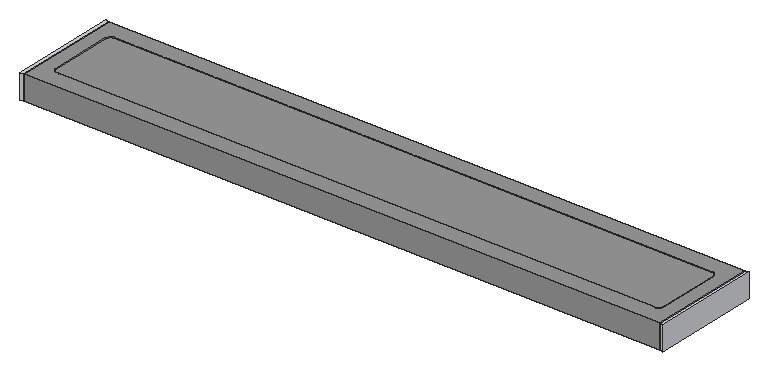
Revit family "0044084 Sylvania Lighting Fixture OPTIX S 1200 MPO D 4000K EM WHITE", category Lighting Fixtures, host Face, Revit 2016
Family settings
  Host = Face
  Part Type = Normal
  Round Connector Dimension = Use Diameter
  OmniClass Number = 23.80.70.00
  OmniClass Title = Lighting
  Cut with Voids When Loaded = No
  Light Source = Yes
  Shared = No
  Room Calculation Point = No
Parameters (values of type "0044084 OPTIX S 1200 MPO D 4K EM WHITE")
  spacer height = 5 mm
  spacer centres = 1000 mm
  lens width = 1135 mm
  full length = 1200 mm
  Width = 200 mm
  Weight = "n/a"
  Wattage Comments = ""
  Wattage = 9.2903 W
  WarrantyStartDate [instance] = "n/a"
  WarrantyGuarantorParts = "n/a"
  WarrantyDurationUnit = "n/a"
  WarrantyDurationParts = ""
  WarrantyDescription = "http://www.sylvania-lighting.com"
  built-in parameter 1150110 = 1 (stored number, unit not read)
  Voltage = 0 V
  URL = "0.98"
  TypeName = "OPTIX S 1200 MPO D 4000K EM WHITE"
  Type Image = <None>
  Type Comments = "n/a"
  built-in parameter 1114217 = 1 (stored number, unit not read)
  Tilt Angle = 90.00°
  built-in parameter 1150109 = 1 (stored number, unit not read)
  built-in parameter 1150134 = 3
  built-in parameter 1150113 = 1 (stored number, unit not read)
  SerialNumber [instance] = "n/a"
  Photometric Web File = "0044084.ies"
  Material_3_FEILO = none
  PowerFactor = 0
  PowerConsumption = "Lighting"
  NominalLength = 200 mm
  NominalHeight = 0 mm
  NominalDepth = 0 mm
  Name = "OPTIX S 1200 MPO D 4000K EM WHITE"
  ModelReference = Name  # "OPTIX S 1200 MPO D 4000K EM WHITE"
  ModelNumber = "0044084"
  Model = Name  # "OPTIX S 1200 MPO D 4000K EM WHITE"
  Material = "Feilo Sylvania"
  ManufacturerName = "110 lm/W"
  Manufacturer = ""
  LuminousEfficacy = ""
  built-in parameter 1150105 = 109.82 (stored number, unit not read)
  Lumens = 1380 lm
  LuminaireType = "0"
  built-in parameter 1150115 = 1 (stored number, unit not read)
  LightOutputRatio = "LED"
  built-in parameter 1150137 = (empty or 0)
  built-in parameter 1150139 = (empty or 0)
  Lens Width = 135 mm
  Length = 1188 mm
  LampsType = Lamp  # "n/a"
  LampNominalLuminous = "4000 K"
  LampMacAdamStep = "80"
  LampColourTemperature = "LED"
  LampColourRenderingIndex = "16500"
  built-in parameter 1150112 = 1 (stored number, unit not read)
  built-in parameter 1150114 = 1 (stored number, unit not read)
  Lamp = "n/a"
  Keynote = "n/a"
  InstallationDate [instance] = "n/a"
  InputVoltage = "0"
  InputNominalFrequency = "4000"
  built-in parameter 1150132 = (empty or 0)
  built-in parameter 1150102 = (empty or 0)
  built-in parameter 1150107 = 3200 (stored number, unit not read)
  built-in parameter 1150138 = (empty or 0)
  IngressProtection = "IfcLightFixtureType"
  ImpactProtectionIndex = "IfcLightFixtureType"
  built-in parameter 1150106 = 1.0982 (stored number, unit not read)
  IfcExportType = "IfcLightFixtureType"
  IfcExportAs = "Class I"
  Height = 50 mm
  ExpectedLife = 50000
  Emit from Circle Diameter = 609.6 mm
  Emit Shape Visible in Rendering = no
  ElectricShockClassification = "110"
  built-in parameter 1150104 = 13.8 (stored number, unit not read)
  DurationUnit = "hours"
  DocumentationLiterature = "http://www.sylvania-lighting.com/product/en-int/products/0044084"
  DimmingControlOptions = "n/a"
  Material_2_FEILO = none
  Dimming Lamp Color Temperature Shift = <None>
  Description = "OPTIX S 1200 MPO D 4K EM WHITE is a high efficacy low glare surface or suspended LED Linear luminaire with Micro Prismatic Optic, with direct light distribution, luminaire dimensions: 1200x200x50mm, Sylvania White body colour (RAL9016), IP20, IK07, Constant current driver, 3hr maintained emergency version, low LED flicker (+/-5%), Neutral White (4000K) LED Colour Temperature, 2863lm luminous flux, 26W power consumption, 110lm/W system efficacy, CRI>80, SDCM 3 (3-step MacAdam ellipse) LED Colour Consistency, UGR<19, Luminance at 65° < 3000 cd/m2, lumen maintenance: L90B50 at 60000h, photobiological safety risk group 1. Electrical protection Class I."
  Default Elevation = 1219.2 mm
  CreatedOn = "20/10/2020"
  CreatedBy = "@sylvania-lighting.com"
  Cost = 0
  Color Filter = 16777215
  built-in parameter 1114216 [instance] = (empty or 0)
  ClassificationValue = "EF_70_80"
  ClassificationName = "Uniclass2015"
  Material_1_FEILO = none
  BarCode [instance] = "n/a"
  built-in parameter 1114218 = 1 (stored number, unit not read)
  built-in parameter 1150133 = 10 (stored number, unit not read)
  AssetType = "Fixed"
  AssetIdentifier [instance] = "n/a"
  Assembly Code = "D5020200"
  Apparent Load = 26 VA
  Material_4_FEILO = none
Reference planes
  plane 1 "Center (Front/Back)": y = 0
  plane 2: z = 0
  plane 3 "Center (Left/Right)": x = 0
  plane 4: z = 0
  plane 5: z = 50
  plane 6: y = 100
  plane 7: y = -100
  plane 8: x = -594
  plane 9: x = 594
  plane 10: z = 5
  plane 11: x = -500
  plane 12: x = 500
  plane 13: y = 10
  plane 14: y = -10
  plane 15: x = 487.5
  plane 16: x = 512.5
  plane 17: x = -512.5
  plane 18: x = -487.5
  plane 19: x = -567.5
  plane 20: x = 567.5
  plane 21: y = 67.5
  plane 22: y = -67.5
  plane 23: x = -557.5
  plane 24: y = 57.5
  plane 25: y = -57.5
  plane 26: x = 557.5
  plane 27: x = -600
  plane 28: x = 600
Forms (mm)
  Extrusion 1, solid, material "Aluminum 1100-H18", detail levels medium+fine
    sketch origin (4.2, 0, 0) x (1, 0, 0) y (0, 1, 0)
      loop
        line (-598.2, 100) -> (-598.2, -100) -> (589.8, -100) -> (589.8, 100) -> (-598.2, 100)
    from 5 to 50
  Extrusion 2, solid
    sketch origin (4.2, 0, 0) x (1, 0, 0) y (0, 1, 0)
      loop
        line (483.3, 10) -> (483.3, -10) -> (508.3, -10) -> (508.3, 10) -> (483.3, 10)
    from 0 to 5
  Extrusion 3, solid
    sketch origin (4.2, 0, 0) x (1, 0, 0) y (0, 1, 0)
      loop
        line (-516.7, 10) -> (-516.7, -10) -> (-491.7, -10) -> (-491.7, 10) -> (-516.7, 10)
    from 0 to 5
  Extrusion 4, void, detail levels fine
    sketch origin (4.2, 0, 0) x (0, 1, 0) y (1, 0, 0)
      loop
        line (67.5, -561.7) -> (67.5, 553.3)
        arc (67.5, 553.3) -> (64.571, 560.371) -> (57.5, 563.3) r 10
        line (57.5, 563.3) -> (-57.5, 563.3)
        arc (-57.5, 563.3) -> (-64.571, 560.371) -> (-67.5, 553.3) r 10
        line (-67.5, 553.3) -> (-67.5, -561.7)
        arc (-67.5, -561.7) -> (-64.571, -568.771) -> (-57.5, -571.7) r 10
        line (-57.5, -571.7) -> (57.5, -571.7)
        arc (57.5, -571.7) -> (64.571, -568.771) -> (67.5, -561.7) r 10
    from -50 to -48
  Extrusion 5, solid, detail levels medium+fine
    sketch origin (4.2, 0, 0) x (1, 0, 0) y (0, 1, 0)
      loop
        line (-604.2, 100) -> (-604.2, -100) -> (-598.2, -100) -> (-598.2, 100) -> (-604.2, 100)
    from 5 to 50
  Extrusion 6, solid, detail levels medium+fine
    sketch origin (4.2, 0, 0) x (1, 0, 0) y (0, 1, 0)
      loop
        line (589.8, 100) -> (589.8, -100) -> (595.8, -100) -> (595.8, 100) -> (589.8, 100)
    from 5 to 50
  Extrusion 7, solid, material "Glass, White, High Luminance", detail levels fine
    sketch origin (4.2, 0, 0) x (1, 0, 0) y (0, 1, 0)
      loop
        arc (-561.7, 67.5) -> (-568.771, 64.571) -> (-571.7, 57.5) r 10
        line (-571.7, 57.5) -> (-571.7, -57.5)
        arc (-571.7, -57.5) -> (-568.771, -64.571) -> (-561.7, -67.5) r 10
        line (-561.7, -67.5) -> (553.3, -67.5)
        arc (553.3, -67.5) -> (560.371, -64.571) -> (563.3, -57.5) r 10
        line (563.3, -57.5) -> (563.3, 57.5)
        arc (563.3, 57.5) -> (560.371, 64.571) -> (553.3, 67.5) r 10
        line (553.3, 67.5) -> (-561.7, 67.5)
    from 48 to 49.5
  Extrusion 8, solid, detail levels coarse
    sketch origin (4.2, 0, 0) x (1, 0, 0) y (0, 1, 0)
      loop
        line (-604.2, 100) -> (-604.2, -100) -> (595.8, -100) -> (595.8, 100) -> (-604.2, 100)
    from 0 to 50
Cuts and joins
  Extrusion 4 cuts Extrusion 2
  Extrusion 4 cuts Extrusion 3
  Extrusion 4 cuts Extrusion 1
Dimensions and locks
  "Width": plane 6 to plane 7
  equal spacing: plane 6, plane 1 "Center (Front/Back)", plane 7
  "Length": plane 8 to plane 9
  equal spacing: plane 8, plane 3 "Center (Left/Right)", plane 9
  "spacer height": plane 10 to host face
  "Height": plane 5 to level
  "spacer centres": plane 11 to plane 12
  equal spacing: plane 11, plane 3 "Center (Left/Right)", plane 12
  "lens width": plane 19 to plane 20
  equal spacing: plane 19, plane 3 "Center (Left/Right)", plane 20
  "Lens Width": plane 21 to plane 22
  equal spacing: plane 21, plane 1 "Center (Front/Back)", plane 22
  "full length": plane 27 to plane 28
  equal spacing: plane 27, plane 3 "Center (Left/Right)", plane 28
  aligned and locked: plane 2 to host face
  aligned and locked: level to host face
Automatic sketch dimensions
  host sketch curve to host sketch curve = 2438.4 mm  (x2)
  Extrusion 1 sketch curve to plane 7 = 0 mm
  Extrusion 1 sketch curve to plane 8 = 0 mm
  Extrusion 1 sketch curve to plane 9 = 0 mm
  Extrusion 1 sketch curve to plane 6 = 0 mm
  Extrusion 2 sketch curve to plane 14 = 0 mm
  Extrusion 2 sketch curve to plane 15 = 0 mm
  Extrusion 2 sketch curve to plane 16 = 0 mm
  Extrusion 2 sketch curve to plane 13 = 0 mm
  Extrusion 3 sketch curve to plane 14 = 0 mm
  Extrusion 3 sketch curve to plane 17 = 0 mm
  Extrusion 3 sketch curve to plane 18 = 0 mm
  Extrusion 3 sketch curve to plane 13 = 0 mm
  Extrusion 4 sketch curve to plane 22 = 0 mm
  Extrusion 4 sketch curve to plane 19 = 0 mm
  Extrusion 4 sketch curve to plane 25 = 0 mm  (x2)
  Extrusion 4 sketch curve to plane 20 = 0 mm
  Extrusion 4 sketch curve to plane 24 = 0 mm  (x2)
  Extrusion 4 sketch curve to plane 23 = 0 mm
  Extrusion 5 sketch curve to plane 7 = 0 mm
  Extrusion 5 sketch curve to plane 27 = 0 mm
  Extrusion 5 sketch curve to plane 8 = 0 mm
  Extrusion 5 sketch curve to plane 6 = 0 mm
  Extrusion 6 sketch curve to plane 7 = 0 mm
  Extrusion 6 sketch curve to plane 9 = 0 mm
  Extrusion 6 sketch curve to plane 28 = 0 mm
  Extrusion 6 sketch curve to plane 6 = 0 mm
  Extrusion 7 sketch curve to plane 23 = 0 mm  (x2)
  Extrusion 7 sketch curve to plane 21 = 0 mm
  Extrusion 7 sketch curve to plane 22 = 0 mm
  Extrusion 7 sketch curve to plane 26 = 0 mm  (x2)
  Extrusion 7 sketch curve to plane 20 = 0 mm
  Extrusion 7 sketch curve to plane 24 = 0 mm
  Extrusion 8 sketch curve to plane 7 = 0 mm
  Extrusion 8 sketch curve to plane 27 = 0 mm
  Extrusion 8 sketch curve to plane 28 = 0 mm
  Extrusion 8 sketch curve to plane 6 = 0 mm
Connectors
  electrical at (0, 0, 0), driven by "Apparent Load", driven by "PowerFactor", driven by "Voltage"
    settings: index 1, voltage 0 V, apparent load 26 VA, apparent load phase1 0 VA, apparent load phase2 0 VA, apparent load phase3 0 VA, power factor 0, load classification "Lighting", number of poles 1, system type 30, power factor state 1, is connector primary yes, connector utility no, sub classification motor no, connector description ""
